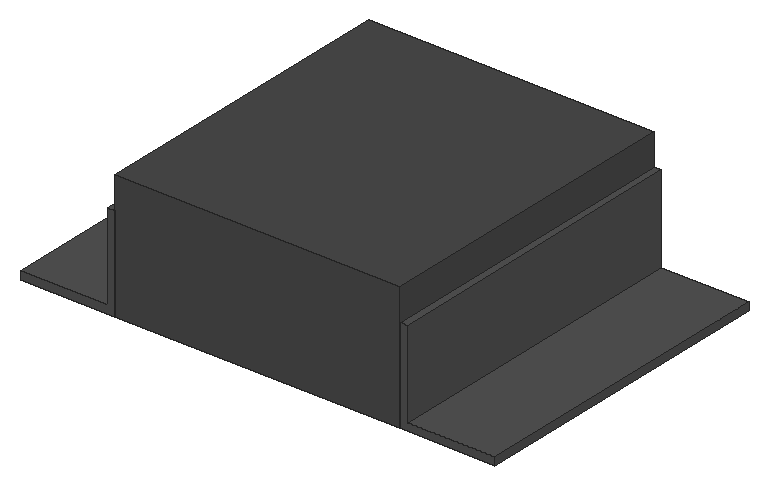
Revit family
Parameters
  offset [instance] = 0' - 10 3/4"
  Warranty Duration (Years) = 0
  Unit Width [instance] = 1' - 3"
  Unit Height [instance] = 0' - 10"
  Unit Depth = 0' - 4"
  URL = "http://www.supersealmfg.com/"
  Specification = ""
  SpecWizard = ""
  Angle Material = Metal - Steel - Super Seal - Painted - Black
  Send Message = "http://www.arcat.com/users.pl?action=UserEmail&company=Super-Seal%20Mfg.%20Ltd&coid=44693&rep=119&fax=905-850-4440 &mf="
  Sales Information = "http://www.supersealmfg.com/ContactUs.htm"
  Revision = "R1_07-2011"
  Product Properties = ""
  Product Data = "http://arcat.com/arcatcos/cos44/arc44693.html?isac=1&r=1"
  Model = "As Specified"
  Material = Rubber - Super Seal - Black Laminated
  Manufacturer Website = "http://www.supersealmfg.com/"
  Manufacturer Phone - Toll Free = "800-337-3239 "
  Manufacturer Phone = "800-337-3239 "
  Manufacturer Fax = "905-850-4440 "
  Manufacturer Address = "670 Rowntree Dairy Rd. Woodbridge , ON, Canada L4L-5T8"
  Manufacturer = "Super-Seal Mfg. Ltd"
  Maintenance Schedule (Months) = 0
  Keynote = ""
  Installation-Fabrication = ""
  Installation Phase = ""
  Green Building-LEED = ""
  Expected Lifespan (Years) = 0
  Drawn By = "Sumex Design, Inc. / Robert S. Weygant, CSI, CDT, SCIP"
  Description = "Super Seal"
  Default Elevation = 4' - 0"
  Copyright = "©Arcat Inc."
  Construction Details = "http://arcat.com/details/supersea/supersea.html?coid=44693"
  Assembly Code = ""
Reference planes (in)
  plane 1 "Center (Front/Back)": y = 0
  plane 2 "Bottom": z = 0
  plane 3 "Center (Left/Right)": x = 0
  plane 4 "Front": y = -5
  plane 5 "Left": x = -7.5
  plane 6 "Right": x = 7.5
  plane 7 "Top": z = 4
  plane 8: y = 5
  plane 9: x = -4.5
  plane 10: x = 4.5
  plane 11: z = 3
Forms (in)
  Extrusion 1, solid, material "Metal - Steel - Super Seal - Painted - Black" <- "Angle Material"
    sketch origin (-84.43441, 5, 48) x (-1, 0, 0) y (0, 0, 1)
      loop
        line (-76.93441, -48) -> (-76.93441, -47.75) -> (-79.68441, -47.75) -> (-79.68441, -45) -> (-79.93441, -45) -> (-79.93441, -48) -> (-76.93441, -48)
      loop
        line (-91.93441, -48) -> (-88.93441, -48) -> (-88.93441, -45) -> (-89.18441, -45) -> (-89.18441, -47.75) -> (-91.93441, -47.75) -> (-91.93441, -48)
    from 0 to -10
  Extrusion 2, solid, material "Rubber - Super Seal - Black Laminated" <- "Material"
    sketch origin (0, 0, 0) x (1, 0, 0) y (0, 1, 0)
      loop
        line (-4.5, 5) -> (-4.5, -5) -> (4.5, -5) -> (4.5, 5) -> (-4.5, 5)
    from 0 to 4
Dimensions and locks (in)
  equal spacing: plane 5 "Left", plane 3 "Center (Left/Right)", plane 6 "Right"
  "Unit Width": plane 5 "Left" to plane 6 "Right"
  equal spacing: plane 8, plane 1 "Center (Front/Back)", plane 4 "Front"
  "Unit Depth": plane 7 "Top" to level
  "Unit Height": plane 8 to plane 4 "Front"
  locked: plane 10 to plane 6 "Right" at 3
  locked: plane 5 "Left" to plane 9 at 3
  locked: plane 11 to level at 3
  aligned and locked: Extrusion 1 to plane 4 "Front"
  aligned and locked: plane 7 "Top" to Extrusion 2
Automatic sketch dimensions
  Extrusion 1 sketch curve to level = 0' - 0"  (x2)
  Extrusion 1 sketch curve to plane 6 "Right" = 0' - 0"
  Extrusion 1 sketch curve to plane 11 = 0' - 0"  (x2)
  Extrusion 1 sketch curve to plane 10 = 0' - 0"
  Extrusion 1 sketch curve to plane 9 = 0' - 0"
  Extrusion 1 sketch curve to plane 5 "Left" = 0' - 0"
  Extrusion 1 sketch curve to Extrusion 1 sketch curve = 0' - 0 1/4"  (x3)
  level to Extrusion 1 sketch curve = 0' - 0 1/4"
  Extrusion 2 sketch curve to plane 4 "Front" = 0' - 0"
  Extrusion 2 sketch curve to plane 9 = 0' - 0"
  Extrusion 2 sketch curve to plane 10 = 0' - 0"
  Extrusion 2 sketch curve to plane 8 = 0' - 0"
